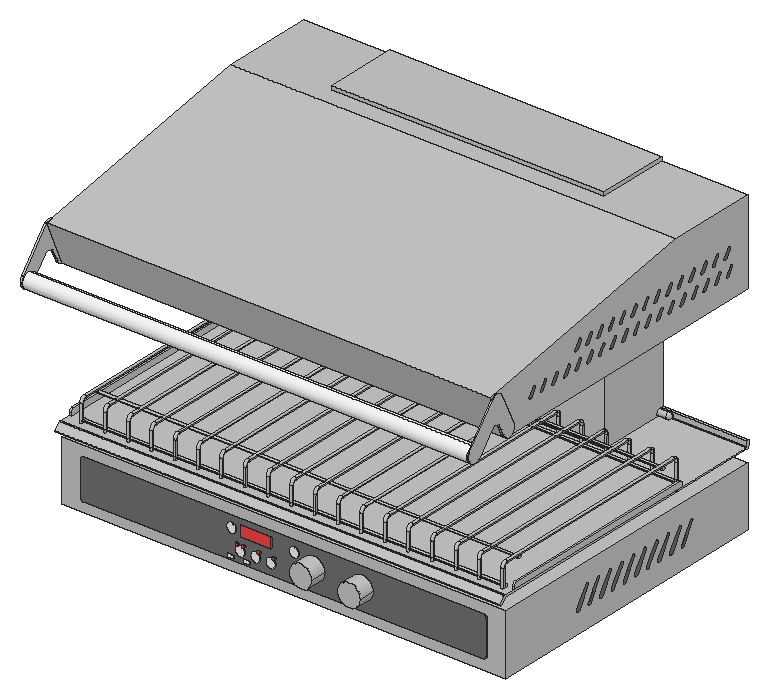
Revit family "QF_GIORIK_SH40", category Specialty Equipment, Revit 2014
Parameters (values of type "SH40")
  Weight in Pounds = 176.3696
  Watts = 5300 W
  Volts = 400 V
  URL Cutsheet = "www.giorik.com"
  URL = "www.giorik.com"
  Status [instance] = ""
  Specification by User [instance] = ""
  Specification by Manufacturer = ""
  Show Logo [instance] = yes
  Show Clearance [instance] = yes
  Serial Number = ""
  Seismic Rating = ""
  SMACNA No = ""
  Revision Code [instance] = ""
  Phase = 3
  Number of Poles [instance] = 3
  NAFEM Spec ID Number = ""
  Model = "SH40"
  Min Ckt Ampacity = 0 A
  Max Overcurrent Protection = 0 A
  Masterspec = ""
  Manufacturer = "GIORIK"
  Item Number [instance] = ""
  Installed By [instance] = ""
  Identify Quantity as Lot [instance] = no
  HP = "7.107406000000"
  Furnished By [instance] = ""
  Foodservice Equipment Identifier [instance] = yes
  FL Amps = 0 A
  Electrical Remarks [instance] = ""
  Electric Connection Type [instance] = ""
  Elec Conn RI Height [instance] = 0 mm
  Elec Conn Connection Height [instance] = 39 mm
  Description = "FAST SALAMANDERS HI-LITE"
  Cycle = 50 Hz
  Conn Plug = ""
  CSI MasterFormat = ""
  Assembly Code = "E1090320"
  Apparent Power = 5300 VA
Reference planes
  plane 1 "Back": y = 0
  plane 2: z = 1
  plane 3 "Left": x = 0
  plane 4 "Right": x = 735
  plane 5 "Front": y = -581
  plane 6 "Top": z = 520
Forms (mm)
  Extrusion 1, solid
    sketch origin (0, 0, 1.043) x (0, 1, 0) y (0, 0, 1)
      loop
        line (0, 116) -> (-500, 116) -> (-500, 16) -> (0, 16) -> (0, 116)
    from 0 to 735
  Extrusion 2, solid
    sketch origin (0, 0, 1.043) x (0, 1, 0) y (0, 0, 1)
      loop
        line (-510.879, 128.424) -> (-501.718, 137.409) -> (-3, 137.409)
        arc (-3, 137.409) -> (-0.879, 138.288) -> (0, 140.409) r 3
        line (0, 140.409) -> (0, 150.409) -> (-3, 150.409) -> (-3, 141.409)
        arc (-3, 141.409) -> (-3.293, 140.702) -> (-4, 140.409) r 1
        line (-4, 140.409) -> (-501.718, 140.409)
        arc (-501.718, 140.409) -> (-502.852, 140.186) -> (-503.818, 139.551) r 3
        line (-503.818, 139.551) -> (-513, 130.545) -> (-510.879, 128.424)
    from 0 to 735
  Extrusion 3, solid
    sketch origin (0, 0, 2) x (0, 1, 0) y (0, 0, 1)
      loop
        line (-150, 512.02) -> (-531, 444.528) -> (-500, 372.02) -> (0, 372.02) -> (0, 512.02) -> (-150, 512.02)
    from 0 to 735
  Extrusion 4, solid
    sketch origin (0, 0, 1.043) x (0, 1, 0) y (0, 0, 1)
      loop
        line (-120, 116) -> (0, 116) -> (0, 372.977) -> (-120, 372.977) -> (-120, 116)
    from 141.5 to 593.5
  Extrusion 5, solid
    sketch origin (0, -38.013, 1) x (0, 1, 0) y (0, 0, 1)
      loop
        line (-491.588, 443.653) -> (-540.006, 386.512)
        arc (-540.006, 386.512) -> (-538.54, 368.783) -> (-520.812, 370.248) r 12.579
        line (-520.812, 370.248) -> (-495.462, 400.166)
        arc (-495.462, 400.166) -> (-486.485, 403.589) -> (-478.751, 397.888) r 10.025
        line (-478.751, 397.888) -> (-470.242, 379.619)
        arc (-470.242, 379.619) -> (-455.833, 374.347) -> (-450.524, 388.743) r 10.863
        line (-450.524, 388.743) -> (-474.877, 441.376)
        arc (-474.877, 441.376) -> (-482.609, 447.09) -> (-491.588, 443.653) r 10.009
    from -3 to 0
  Extrusion 6, solid
    sketch origin (738, -38.013, 1) x (0, 1, 0) y (0, 0, 1)
      loop
        line (-491.588, 443.653) -> (-540.006, 386.512)
        arc (-540.006, 386.512) -> (-538.54, 368.783) -> (-520.812, 370.248) r 12.579
        line (-520.812, 370.248) -> (-495.462, 400.166)
        arc (-495.462, 400.166) -> (-486.485, 403.589) -> (-478.751, 397.888) r 10.025
        line (-478.751, 397.888) -> (-470.242, 379.619)
        arc (-470.242, 379.619) -> (-455.833, 374.347) -> (-450.524, 388.743) r 10.863
        line (-450.524, 388.743) -> (-474.877, 441.376)
        arc (-474.877, 441.376) -> (-482.609, 447.09) -> (-491.588, 443.653) r 10.009
    from -3 to 0
  Revolve 7, solid
    sketch origin (0, -568.5, 1) x (1, 0, 0) y (0, 0, 1)
      loop
        line (0, 365.88) -> (735.001, 365.88) -> (735.001, 378.38) -> (0, 378.38) -> (0, 365.88)
      axis (0, 378.38) -> (735.001, 378.38)
    angle from 0 to 360
  Extrusion 8, solid
    sketch origin (0, 0, 1.043) x (0, 1, 0) y (0, 0, 1)
      loop
        arc (-477.394, 149.627) -> (-480.93, 148.162) -> (-482.394, 144.627) r 5
        line (-482.394, 144.627) -> (-482.394, 140.409) -> (-136.497, 140.409) -> (-136.497, 144.627)
        arc (-136.497, 144.627) -> (-137.962, 148.162) -> (-141.497, 149.627) r 5
        line (-141.497, 149.627) -> (-477.394, 149.627)
    from 0 to 3
  Extrusion 9, solid
    sketch origin (732, 0, 1.043) x (0, 1, 0) y (0, 0, 1)
      loop
        arc (-477.394, 149.627) -> (-480.93, 148.162) -> (-482.394, 144.627) r 5
        line (-482.394, 144.627) -> (-482.394, 140.409) -> (-136.497, 140.409) -> (-136.497, 144.627)
        arc (-136.497, 144.627) -> (-137.962, 148.162) -> (-141.497, 149.627) r 5
        line (-141.497, 149.627) -> (-477.394, 149.627)
    from 0 to 3
  Sweep 10, solid
    path origin (24.528, 0, 1.043) x (0, 1, 0) y (0, 0, 1)
      loop
        line (-132.497, 140.409) -> (-132.497, 170.63)
        arc (-132.497, 170.63) -> (-133.668, 173.457) -> (-136.495, 174.628) r 3.998
        line (-136.495, 174.628) -> (-482.467, 174.628)
        arc (-482.467, 174.628) -> (-485.294, 173.457) -> (-486.465, 170.63) r 3.998
        line (-486.465, 170.63) -> (-486.465, 140.409)
    profile origin (24.528, -132.497, 156.563) x (0, -1, 0) y (1, 0, 0)
      loop
        circle (-2, 0) r 2
  Sweep 11, solid
    path origin (63.128, 0, 1.043) x (0, 1, 0) y (0, 0, 1)
      loop
        line (-132.497, 140.409) -> (-132.497, 170.63)
        arc (-132.497, 170.63) -> (-133.668, 173.457) -> (-136.495, 174.628) r 3.998
        line (-136.495, 174.628) -> (-482.467, 174.628)
        arc (-482.467, 174.628) -> (-485.294, 173.457) -> (-486.465, 170.63) r 3.998
        line (-486.465, 170.63) -> (-486.465, 140.409)
    profile origin (63.128, -132.497, 156.563) x (0, -1, 0) y (1, 0, 0)
      loop
        circle (-2, 0) r 2
  Sweep 12, solid
    path origin (101.728, 0, 1.043) x (0, 1, 0) y (0, 0, 1)
      loop
        line (-132.497, 140.409) -> (-132.497, 170.63)
        arc (-132.497, 170.63) -> (-133.668, 173.457) -> (-136.495, 174.628) r 3.998
        line (-136.495, 174.628) -> (-482.467, 174.628)
        arc (-482.467, 174.628) -> (-485.294, 173.457) -> (-486.465, 170.63) r 3.998
        line (-486.465, 170.63) -> (-486.465, 140.409)
    profile origin (101.728, -132.497, 156.563) x (0, -1, 0) y (1, 0, 0)
      loop
        circle (-2, 0) r 2
  Sweep 13, solid
    path origin (140.028, 0, 1.043) x (0, 1, 0) y (0, 0, 1)
      loop
        line (-132.497, 140.409) -> (-132.497, 170.63)
        arc (-132.497, 170.63) -> (-133.668, 173.457) -> (-136.495, 174.628) r 3.998
        line (-136.495, 174.628) -> (-482.467, 174.628)
        arc (-482.467, 174.628) -> (-485.294, 173.457) -> (-486.465, 170.63) r 3.998
        line (-486.465, 170.63) -> (-486.465, 140.409)
    profile origin (140.028, -132.497, 156.563) x (0, -1, 0) y (1, 0, 0)
      loop
        circle (-2, 0) r 2
  Sweep 14, solid
    path origin (178.528, 0, 1.043) x (0, 1, 0) y (0, 0, 1)
      loop
        line (-132.497, 140.409) -> (-132.497, 170.63)
        arc (-132.497, 170.63) -> (-133.668, 173.457) -> (-136.495, 174.628) r 3.998
        line (-136.495, 174.628) -> (-482.467, 174.628)
        arc (-482.467, 174.628) -> (-485.294, 173.457) -> (-486.465, 170.63) r 3.998
        line (-486.465, 170.63) -> (-486.465, 140.409)
    profile origin (178.528, -132.497, 156.563) x (0, -1, 0) y (1, 0, 0)
      loop
        circle (-2, 0) r 2
  Sweep 15, solid
    path origin (217.128, 0, 1.043) x (0, 1, 0) y (0, 0, 1)
      loop
        line (-132.497, 140.409) -> (-132.497, 170.63)
        arc (-132.497, 170.63) -> (-133.668, 173.457) -> (-136.495, 174.628) r 3.998
        line (-136.495, 174.628) -> (-482.467, 174.628)
        arc (-482.467, 174.628) -> (-485.294, 173.457) -> (-486.465, 170.63) r 3.998
        line (-486.465, 170.63) -> (-486.465, 140.409)
    profile origin (217.128, -132.497, 156.563) x (0, -1, 0) y (1, 0, 0)
      loop
        circle (-2, 0) r 2
  Sweep 16, solid
    path origin (255.428, 0, 1.043) x (0, 1, 0) y (0, 0, 1)
      loop
        line (-132.497, 140.409) -> (-132.497, 170.63)
        arc (-132.497, 170.63) -> (-133.668, 173.457) -> (-136.495, 174.628) r 3.998
        line (-136.495, 174.628) -> (-482.467, 174.628)
        arc (-482.467, 174.628) -> (-485.294, 173.457) -> (-486.465, 170.63) r 3.998
        line (-486.465, 170.63) -> (-486.465, 140.409)
    profile origin (255.428, -132.497, 156.563) x (0, -1, 0) y (1, 0, 0)
      loop
        circle (-2, 0) r 2
  Sweep 17, solid
    path origin (294.028, 0, 1.043) x (0, 1, 0) y (0, 0, 1)
      loop
        line (-132.497, 140.409) -> (-132.497, 170.63)
        arc (-132.497, 170.63) -> (-133.668, 173.457) -> (-136.495, 174.628) r 3.998
        line (-136.495, 174.628) -> (-482.467, 174.628)
        arc (-482.467, 174.628) -> (-485.294, 173.457) -> (-486.465, 170.63) r 3.998
        line (-486.465, 170.63) -> (-486.465, 140.409)
    profile origin (294.028, -132.497, 156.563) x (0, -1, 0) y (1, 0, 0)
      loop
        circle (-2, 0) r 2
  Sweep 18, solid
    path origin (332.728, 0, 1.043) x (0, 1, 0) y (0, 0, 1)
      loop
        line (-132.497, 140.409) -> (-132.497, 170.63)
        arc (-132.497, 170.63) -> (-133.668, 173.457) -> (-136.495, 174.628) r 3.998
        line (-136.495, 174.628) -> (-482.467, 174.628)
        arc (-482.467, 174.628) -> (-485.294, 173.457) -> (-486.465, 170.63) r 3.998
        line (-486.465, 170.63) -> (-486.465, 140.409)
    profile origin (332.728, -132.497, 156.563) x (0, -1, 0) y (1, 0, 0)
      loop
        circle (-2, 0) r 2
  Sweep 19, solid
    path origin (371.328, 0, 1.043) x (0, 1, 0) y (0, 0, 1)
      loop
        line (-132.497, 140.409) -> (-132.497, 170.63)
        arc (-132.497, 170.63) -> (-133.668, 173.457) -> (-136.495, 174.628) r 3.998
        line (-136.495, 174.628) -> (-482.467, 174.628)
        arc (-482.467, 174.628) -> (-485.294, 173.457) -> (-486.465, 170.63) r 3.998
        line (-486.465, 170.63) -> (-486.465, 140.409)
    profile origin (371.328, -132.497, 156.563) x (0, -1, 0) y (1, 0, 0)
      loop
        circle (-2, 0) r 2
  Sweep 20, solid
    path origin (409.928, 0, 1.043) x (0, 1, 0) y (0, 0, 1)
      loop
        line (-132.497, 140.409) -> (-132.497, 170.63)
        arc (-132.497, 170.63) -> (-133.668, 173.457) -> (-136.495, 174.628) r 3.998
        line (-136.495, 174.628) -> (-482.467, 174.628)
        arc (-482.467, 174.628) -> (-485.294, 173.457) -> (-486.465, 170.63) r 3.998
        line (-486.465, 170.63) -> (-486.465, 140.409)
    profile origin (409.928, -132.497, 156.563) x (0, -1, 0) y (1, 0, 0)
      loop
        circle (-2, 0) r 2
  Revolve 21, solid
    sketch origin (80, -107.054, 1.043) x (1, 0, 0) y (0, 0, 1)
      loop
        line (62.5, 127.28) -> (62.5, 132.28) -> (40.041, 132.28)
        arc (40.041, 132.28) -> (41.505, 128.744) -> (45.041, 127.28) r 5
        line (45.041, 127.28) -> (62.5, 127.28)
      axis (40.041, 132.28) -> (62.5, 132.28)
    angle from 0 to 360
  Revolve 22, solid
    sketch origin (80, -8.199, 14.363) x (1, 0, 0) y (0, 0, 1)
      loop
        line (62.5, 127.28) -> (62.5, 132.28) -> (40.041, 132.28)
        arc (40.041, 132.28) -> (41.505, 128.744) -> (45.041, 127.28) r 5
        line (45.041, 127.28) -> (62.5, 127.28)
      axis (40.041, 132.28) -> (62.5, 132.28)
    angle from 0 to 360
  Revolve 23, solid
    sketch origin (655, -107.054, 1.043) x (-1, 0, 0) y (0, 0, -1)
      loop
        line (62.5, -127.28) -> (45.041, -127.28)
        arc (45.041, -127.28) -> (41.505, -128.744) -> (40.041, -132.28) r 5
        line (40.041, -132.28) -> (62.5, -132.28) -> (62.5, -127.28)
      axis (40.041, -132.28) -> (62.5, -132.28)
    angle from 0 to 360
  Revolve 24, solid
    sketch origin (655, -8.199, 14.363) x (-1, 0, 0) y (0, 0, -1)
      loop
        line (62.5, -127.28) -> (45.041, -127.28)
        arc (45.041, -127.28) -> (41.505, -128.744) -> (40.041, -132.28) r 5
        line (40.041, -132.28) -> (62.5, -132.28) -> (62.5, -127.28)
      axis (40.041, -132.28) -> (62.5, -132.28)
    angle from 0 to 360
  Extrusion 25, solid
    sketch origin (0, 0, 2) x (0, 1, 0) y (0, 0, 1)
      loop
        line (0, 512.02) -> (0, 518) -> (-120, 518) -> (-120, 512.02) -> (0, 512.02)
    from 142.5 to 592.5
  Extrusion 26, solid
    sketch origin (0, -52.9, 1.043) x (1, 0, 0) y (0, 0, 1)
      loop
        arc (32.716, 38.339) -> (34.181, 34.803) -> (37.716, 33.339) r 5
        line (37.716, 33.339) -> (697.991, 33.339)
        arc (697.991, 33.339) -> (701.527, 34.803) -> (702.991, 38.339) r 5
        line (702.991, 38.339) -> (702.991, 94.34)
        arc (702.991, 94.34) -> (701.527, 97.875) -> (697.992, 99.339) r 4.999
        line (697.992, 99.339) -> (37.716, 99.339)
        arc (37.716, 99.339) -> (34.181, 97.875) -> (32.716, 94.34) r 4.999
        line (32.716, 94.34) -> (32.716, 38.339)
    from 446.1 to 448.1
  Extrusion 27, solid
    sketch origin (0, -30.961, 31.262) x (0, 1, 0) y (0, 0, 1)
      loop
        circle (-425.497, 142.409) r 2
    from 22.532 to 722.16
  Extrusion 28, solid
    sketch origin (170, -53, 1.043) x (1, 0, 0) y (0, 0, 1)
      loop
        line (126.732, 72.461) -> (177.773, 72.461) -> (177.773, 90.461) -> (126.732, 90.461) -> (126.732, 72.461)
    from 446.2 to 448.2
  Extrusion 29, solid
    sketch origin (-604.015, -499.1, -818.604) x (1, 0, 0) y (0, 0, 1)
      loop
        circle (886.121, 900.481) r 7.55
    from 0 to 2
  Extrusion 30, solid
    sketch origin (-500.285, -499.1, -818.604) x (1, 0, 0) y (0, 0, 1)
      loop
        circle (886.121, 900.481) r 7.55
    from 0 to 2
  Extrusion 31, solid
    sketch origin (-589.352, -499.1, -848.198) x (1, 0, 0) y (0, 0, 1)
      loop
        circle (886.121, 900.481) r 7.55
    from 0 to 2
  Extrusion 32, solid
    sketch origin (-563.95, -499.1, -848.198) x (1, 0, 0) y (0, 0, 1)
      loop
        circle (886.121, 900.481) r 7.55
    from 0 to 2
  Extrusion 33, solid
    sketch origin (-538.907, -499.1, -848.229) x (1, 0, 0) y (0, 0, 1)
      loop
        circle (886.121, 900.481) r 7.55
    from 0 to 2
  Extrusion 34, solid
    sketch origin (170, -53, 1.043) x (1, 0, 0) y (0, 0, 1)
      loop
        line (106.574, 41.192) -> (106.574, 36.192) -> (116.574, 36.192) -> (116.574, 41.192) -> (106.574, 41.192)
      loop
        line (132.735, 41.192) -> (132.735, 36.192) -> (142.735, 36.192) -> (142.735, 41.192) -> (132.735, 41.192)
    from 446.1 to 448.1
  Extrusion 35, solid
    sketch origin (170, -53.8, 1.043) x (1, 0, 0) y (0, 0, 1)
      loop
        circle (121.957, 60.234) r 2.643
    from 446.2 to 448.2
  Extrusion 36, solid
    sketch origin (180.092, -53.8, 1.043) x (1, 0, 0) y (0, 0, 1)
      loop
        circle (121.957, 60.234) r 2.643
    from 446.2 to 448.2
  Extrusion 37, solid
    sketch origin (205.274, -53.8, 1.043) x (1, 0, 0) y (0, 0, 1)
      loop
        circle (121.957, 60.234) r 2.643
    from 446.2 to 448.2
  Extrusion 38, solid
    sketch origin (229.998, -53.8, 1.043) x (1, 0, 0) y (0, 0, 1)
      loop
        circle (121.957, 60.234) r 2.643
    from 446.2 to 448.2
  Extrusion 39, solid
    sketch origin (0, -38.013, 1) x (0, 1, 0) y (0, 0, 1)
      loop
        line (-491.588, 443.653) -> (-540.006, 386.512)
        arc (-540.006, 386.512) -> (-538.54, 368.783) -> (-520.812, 370.248) r 12.579
        line (-520.812, 370.248) -> (-495.462, 400.166)
        arc (-495.462, 400.166) -> (-486.485, 403.589) -> (-478.751, 397.888) r 10.025
        line (-478.751, 397.888) -> (-470.242, 379.619)
        arc (-470.242, 379.619) -> (-455.833, 374.347) -> (-450.524, 388.743) r 10.863
        line (-450.524, 388.743) -> (-474.877, 441.376)
        arc (-474.877, 441.376) -> (-482.609, 447.09) -> (-491.588, 443.653) r 10.009
    from -3 to 0
  Sweep 40, solid
    path origin (448.528, 0, 1.043) x (0, 1, 0) y (0, 0, 1)
      loop
        line (-132.497, 140.409) -> (-132.497, 170.63)
        arc (-132.497, 170.63) -> (-133.668, 173.457) -> (-136.495, 174.628) r 3.998
        line (-136.495, 174.628) -> (-482.467, 174.628)
        arc (-482.467, 174.628) -> (-485.294, 173.457) -> (-486.465, 170.63) r 3.998
        line (-486.465, 170.63) -> (-486.465, 140.409)
    profile origin (448.528, -132.497, 156.563) x (0, -1, 0) y (1, 0, 0)
      loop
        circle (-2, 0) r 2
  Sweep 41, solid
    path origin (487.128, 0, 1.043) x (0, 1, 0) y (0, 0, 1)
      loop
        line (-132.497, 140.409) -> (-132.497, 170.63)
        arc (-132.497, 170.63) -> (-133.668, 173.457) -> (-136.495, 174.628) r 3.998
        line (-136.495, 174.628) -> (-482.467, 174.628)
        arc (-482.467, 174.628) -> (-485.294, 173.457) -> (-486.465, 170.63) r 3.998
        line (-486.465, 170.63) -> (-486.465, 140.409)
    profile origin (487.128, -132.497, 156.563) x (0, -1, 0) y (1, 0, 0)
      loop
        circle (-2, 0) r 2
  Sweep 42, solid
    path origin (525.728, 0, 1.043) x (0, 1, 0) y (0, 0, 1)
      loop
        line (-132.497, 140.409) -> (-132.497, 170.63)
        arc (-132.497, 170.63) -> (-133.668, 173.457) -> (-136.495, 174.628) r 3.998
        line (-136.495, 174.628) -> (-482.467, 174.628)
        arc (-482.467, 174.628) -> (-485.294, 173.457) -> (-486.465, 170.63) r 3.998
        line (-486.465, 170.63) -> (-486.465, 140.409)
    profile origin (525.728, -132.497, 156.563) x (0, -1, 0) y (1, 0, 0)
      loop
        circle (-2, 0) r 2
  Sweep 43, solid
    path origin (564.328, 0, 1.043) x (0, 1, 0) y (0, 0, 1)
      loop
        line (-132.497, 140.409) -> (-132.497, 170.63)
        arc (-132.497, 170.63) -> (-133.668, 173.457) -> (-136.495, 174.628) r 3.998
        line (-136.495, 174.628) -> (-482.467, 174.628)
        arc (-482.467, 174.628) -> (-485.294, 173.457) -> (-486.465, 170.63) r 3.998
        line (-486.465, 170.63) -> (-486.465, 140.409)
    profile origin (564.328, -132.497, 156.563) x (0, -1, 0) y (1, 0, 0)
      loop
        circle (-2, 0) r 2
  Extrusion 44, solid
    sketch origin (0, -58.855, 1.043) x (0, 1, 0) y (0, 0, 1)
      loop
        circle (-425.497, 142.409) r 2
    from 22.532 to 722.16
  Extrusion 45, solid
    sketch origin (0, -584.788, 31.262) x (0, -1, 0) y (0, 0, -1)
      loop
        circle (-425.497, -142.409) r 2
    from 22.532 to 722.16
  Extrusion 46, solid
    sketch origin (0, -559.809, 1.043) x (0, -1, 0) y (0, 0, -1)
      loop
        circle (-425.497, -142.409) r 2
    from 22.532 to 722.16
  Sweep 47, solid
    path origin (643.128, 0, 1.043) x (0, 1, 0) y (0, 0, 1)
      loop
        line (-132.497, 140.409) -> (-132.497, 170.63)
        arc (-132.497, 170.63) -> (-133.668, 173.457) -> (-136.495, 174.628) r 3.998
        line (-136.495, 174.628) -> (-482.467, 174.628)
        arc (-482.467, 174.628) -> (-485.294, 173.457) -> (-486.465, 170.63) r 3.998
        line (-486.465, 170.63) -> (-486.465, 140.409)
    profile origin (643.128, -132.497, 156.563) x (0, -1, 0) y (1, 0, 0)
      loop
        circle (-2, 0) r 2
  Sweep 48, solid
    path origin (604.128, 0, 1.043) x (0, 1, 0) y (0, 0, 1)
      loop
        line (-132.497, 140.409) -> (-132.497, 170.63)
        arc (-132.497, 170.63) -> (-133.668, 173.457) -> (-136.495, 174.628) r 3.998
        line (-136.495, 174.628) -> (-482.467, 174.628)
        arc (-482.467, 174.628) -> (-485.294, 173.457) -> (-486.465, 170.63) r 3.998
        line (-486.465, 170.63) -> (-486.465, 140.409)
    profile origin (604.128, -132.497, 156.563) x (0, -1, 0) y (1, 0, 0)
      loop
        circle (-2, 0) r 2
  Sweep 49, solid
    path origin (681.128, 0, 1.043) x (0, 1, 0) y (0, 0, 1)
      loop
        line (-132.497, 140.409) -> (-132.497, 170.63)
        arc (-132.497, 170.63) -> (-133.668, 173.457) -> (-136.495, 174.628) r 3.998
        line (-136.495, 174.628) -> (-482.467, 174.628)
        arc (-482.467, 174.628) -> (-485.294, 173.457) -> (-486.465, 170.63) r 3.998
        line (-486.465, 170.63) -> (-486.465, 140.409)
    profile origin (681.128, -132.497, 156.563) x (0, -1, 0) y (1, 0, 0)
      loop
        circle (-2, 0) r 2
  Sweep 50, solid
    path origin (720.128, 0, 1.043) x (0, 1, 0) y (0, 0, 1)
      loop
        line (-132.497, 140.409) -> (-132.497, 170.63)
        arc (-132.497, 170.63) -> (-133.668, 173.457) -> (-136.495, 174.628) r 3.998
        line (-136.495, 174.628) -> (-482.467, 174.628)
        arc (-482.467, 174.628) -> (-485.294, 173.457) -> (-486.465, 170.63) r 3.998
        line (-486.465, 170.63) -> (-486.465, 140.409)
    profile origin (720.128, -132.497, 156.563) x (0, -1, 0) y (1, 0, 0)
      loop
        circle (-2, 0) r 2
  Extrusion 51, solid
    sketch origin (-45.915, 1.07, 1.043) x (0, 1, 0) y (0, 0, 1)
      loop
        line (-392.07, 137.409) -> (-412.07, 137.409) -> (-412.07, 116) -> (-392.07, 116) -> (-392.07, 137.409)
    from 135.915 to 115.915
  Extrusion 52, solid
    sketch origin (0, 0, 1.043) x (1, 0, 0) y (0, 0, 1)
      loop
        circle (683, 39) r 12.7
    from 0 to -15
  Extrusion 53, solid
    sketch origin (735, 0.982, 1.043) x (0, 1, 0) y (0, 0, -1)
      loop
        arc (-122.233, -83.563) -> (-118.14, -84.682) -> (-117.021, -80.589) r 3
        line (-117.021, -80.589) -> (-133.772, -51.235)
        arc (-133.772, -51.235) -> (-137.865, -50.116) -> (-138.983, -54.209) r 3
        line (-138.983, -54.209) -> (-122.233, -83.563)
      loop
        arc (-145.943, -83.563) -> (-141.85, -84.682) -> (-140.732, -80.589) r 3
        line (-140.732, -80.589) -> (-157.482, -51.235)
        arc (-157.482, -51.235) -> (-161.575, -50.116) -> (-162.693, -54.209) r 3
        line (-162.693, -54.209) -> (-145.943, -83.563)
      loop
        arc (-170.249, -83.563) -> (-166.156, -84.682) -> (-165.037, -80.589) r 3
        line (-165.037, -80.589) -> (-181.788, -51.235)
        arc (-181.788, -51.235) -> (-185.881, -50.116) -> (-186.999, -54.209) r 3
        line (-186.999, -54.209) -> (-170.249, -83.563)
      loop
        arc (-194.226, -83.563) -> (-190.133, -84.682) -> (-189.015, -80.589) r 3
        line (-189.015, -80.589) -> (-205.765, -51.235)
        arc (-205.765, -51.235) -> (-209.858, -50.116) -> (-210.977, -54.209) r 3
        line (-210.977, -54.209) -> (-194.226, -83.563)
      loop
        arc (-218.413, -83.563) -> (-214.32, -84.682) -> (-213.201, -80.589) r 3
        line (-213.201, -80.589) -> (-229.952, -51.235)
        arc (-229.952, -51.235) -> (-234.045, -50.116) -> (-235.163, -54.209) r 3
        line (-235.163, -54.209) -> (-218.413, -83.563)
      loop
        arc (-242.123, -83.563) -> (-238.03, -84.682) -> (-236.912, -80.589) r 3
        line (-236.912, -80.589) -> (-253.662, -51.235)
        arc (-253.662, -51.235) -> (-257.755, -50.116) -> (-258.873, -54.209) r 3
        line (-258.873, -54.209) -> (-242.123, -83.563)
      loop
        arc (-266.429, -83.563) -> (-262.336, -84.682) -> (-261.218, -80.589) r 3
        line (-261.218, -80.589) -> (-277.968, -51.235)
        arc (-277.968, -51.235) -> (-282.061, -50.116) -> (-283.179, -54.209) r 3
        line (-283.179, -54.209) -> (-266.429, -83.563)
      loop
        arc (-290.548, -83.563) -> (-286.456, -84.682) -> (-285.337, -80.589) r 3
        line (-285.337, -80.589) -> (-302.088, -51.235)
        arc (-302.088, -51.235) -> (-306.18, -50.116) -> (-307.299, -54.209) r 3
        line (-307.299, -54.209) -> (-290.548, -83.563)
      loop
        arc (-314.497, -83.563) -> (-310.404, -84.682) -> (-309.285, -80.589) r 3
        line (-309.285, -80.589) -> (-326.036, -51.235)
        arc (-326.036, -51.235) -> (-330.129, -50.116) -> (-331.247, -54.209) r 3
        line (-331.247, -54.209) -> (-314.497, -83.563)
      loop
        arc (-338.088, -83.563) -> (-333.995, -84.682) -> (-332.876, -80.589) r 3
        line (-332.876, -80.589) -> (-349.627, -51.235)
        arc (-349.627, -51.235) -> (-353.72, -50.116) -> (-354.838, -54.209) r 3
        line (-354.838, -54.209) -> (-338.088, -83.563)
    from -0.1 to 2.047
  Extrusion 54, solid
    sketch origin (0, -501.9, 1.043) x (1, 0, 0) y (0, 0, 1)
      loop
        circle (417.596, 67.954) r 18.6
      loop
        circle (497.54, 67.954) r 18.6
    from 0 to 25.4
  Extrusion 55, solid
    sketch origin (550.603, 45.293, -32.957) x (0, 1, 0) y (-1, 0, 0)
      loop
        circle (-79.293, 516.603) r 5
    from 43.286 to 50
  Revolve 56, solid
    sketch origin (34, 49.943, -602.957) x (0, 1, 0) y (0, 0, 1)
      loop
        line (-83.943, 613.286) -> (-94.4, 613.286) -> (-96.887, 603.957) -> (-83.943, 603.957) -> (-83.943, 613.286)
      axis (-83.943, 613.286) -> (-83.943, 603.957)
    angle from 0 to 360
  Extrusion 57, solid
    sketch origin (184.397, 45.293, -32.957) x (0, 1, 0) y (-1, 0, 0)
      loop
        circle (-79.293, -516.603) r 5
    from 43.286 to 50
  Revolve 58, solid
    sketch origin (701, 49.943, -602.957) x (0, 1, 0) y (0, 0, -1)
      loop
        line (-83.943, -613.286) -> (-83.943, -603.957) -> (-96.887, -603.957) -> (-94.4, -613.286) -> (-83.943, -613.286)
      axis (-83.943, -613.286) -> (-83.943, -603.957)
    angle from 0 to 360
  Extrusion 59, solid
    sketch origin (550.603, -377.707, -32.957) x (0, 1, 0) y (-1, 0, 0)
      loop
        circle (-79.293, 516.603) r 5
    from 43.286 to 50
  Revolve 60, solid
    sketch origin (34, -373.057, -602.957) x (0, 1, 0) y (0, 0, 1)
      loop
        line (-83.943, 613.286) -> (-94.4, 613.286) -> (-96.887, 603.957) -> (-83.943, 603.957) -> (-83.943, 613.286)
      axis (-83.943, 613.286) -> (-83.943, 603.957)
    angle from 0 to 360
  Extrusion 61, solid
    sketch origin (184.397, -377.707, -32.957) x (0, 1, 0) y (-1, 0, 0)
      loop
        circle (-79.293, -516.603) r 5
    from 43.286 to 50
  Revolve 62, solid
    sketch origin (701, -373.057, -602.957) x (0, 1, 0) y (0, 0, -1)
      loop
        line (-83.943, -613.286) -> (-83.943, -603.957) -> (-96.887, -603.957) -> (-94.4, -613.286) -> (-83.943, -613.286)
      axis (-83.943, -613.286) -> (-83.943, -603.957)
    angle from 0 to 360
  Extrusion 63, solid
    sketch origin (-0.103, 15.024, -1.996) x (0, 1, 0) y (0, 0, 1)
      loop
        line (-367.103, 412.901) -> (-361.099, 423.422)
        arc (-361.099, 423.422) -> (-362.218, 427.515) -> (-366.31, 426.396) r 3
        line (-366.31, 426.396) -> (-372.314, 415.875)
        arc (-372.314, 415.875) -> (-371.195, 411.782) -> (-367.103, 412.901) r 3
      loop
        line (-390.682, 412.901) -> (-384.678, 423.422)
        arc (-384.678, 423.422) -> (-385.797, 427.515) -> (-389.89, 426.396) r 3
        line (-389.89, 426.396) -> (-395.893, 415.875)
        arc (-395.893, 415.875) -> (-394.775, 411.782) -> (-390.682, 412.901) r 3
      loop
        line (-415.44, 412.901) -> (-409.437, 423.422)
        arc (-409.437, 423.422) -> (-410.555, 427.515) -> (-414.648, 426.396) r 3
        line (-414.648, 426.396) -> (-420.652, 415.875)
        arc (-420.652, 415.875) -> (-419.533, 411.782) -> (-415.44, 412.901) r 3
      loop
        line (-438.823, 412.901) -> (-432.819, 423.422)
        arc (-432.819, 423.422) -> (-433.938, 427.515) -> (-438.031, 426.396) r 3
        line (-438.031, 426.396) -> (-444.034, 415.875)
        arc (-444.034, 415.875) -> (-442.916, 411.782) -> (-438.823, 412.901) r 3
      loop
        line (-54.819, 412.901) -> (-48.816, 423.422)
        arc (-48.816, 423.422) -> (-49.934, 427.515) -> (-54.027, 426.396) r 3
        line (-54.027, 426.396) -> (-60.036, 415.866)
        arc (-60.036, 415.866) -> (-58.907, 411.78) -> (-54.819, 412.901) r 3
      loop
        line (-78.988, 412.901) -> (-72.984, 423.422)
        arc (-72.984, 423.422) -> (-74.103, 427.515) -> (-78.196, 426.396) r 3
        line (-78.196, 426.396) -> (-84.204, 415.866)
        arc (-84.204, 415.866) -> (-83.076, 411.78) -> (-78.988, 412.901) r 3
      loop
        line (-102.764, 412.901) -> (-96.76, 423.422)
        arc (-96.76, 423.422) -> (-97.879, 427.515) -> (-101.971, 426.396) r 3
        line (-101.971, 426.396) -> (-107.98, 415.866)
        arc (-107.98, 415.866) -> (-106.852, 411.78) -> (-102.764, 412.901) r 3
      loop
        line (-126.54, 412.901) -> (-120.536, 423.422)
        arc (-120.536, 423.422) -> (-121.655, 427.515) -> (-125.747, 426.396) r 3
        line (-125.747, 426.396) -> (-131.756, 415.866)
        arc (-131.756, 415.866) -> (-130.628, 411.78) -> (-126.54, 412.901) r 3
      loop
        line (-150.709, 412.901) -> (-144.705, 423.422)
        arc (-144.705, 423.422) -> (-145.824, 427.515) -> (-149.916, 426.396) r 3
        line (-149.916, 426.396) -> (-155.925, 415.866)
        arc (-155.925, 415.866) -> (-154.797, 411.78) -> (-150.709, 412.901) r 3
      loop
        line (-174.931, 412.901) -> (-168.927, 423.422)
        arc (-168.927, 423.422) -> (-170.046, 427.515) -> (-174.139, 426.396) r 3
        line (-174.139, 426.396) -> (-180.142, 415.875)
        arc (-180.142, 415.875) -> (-179.024, 411.782) -> (-174.931, 412.901) r 3
      loop
        line (-198.904, 412.901) -> (-192.9, 423.422)
        arc (-192.9, 423.422) -> (-194.019, 427.515) -> (-198.111, 426.396) r 3
        line (-198.111, 426.396) -> (-204.115, 415.875)
        arc (-204.115, 415.875) -> (-202.996, 411.782) -> (-198.904, 412.901) r 3
      loop
        line (-222.876, 412.901) -> (-216.872, 423.422)
        arc (-216.872, 423.422) -> (-217.991, 427.515) -> (-222.083, 426.396) r 3
        line (-222.083, 426.396) -> (-228.087, 415.875)
        arc (-228.087, 415.875) -> (-226.968, 411.782) -> (-222.876, 412.901) r 3
      loop
        line (-246.652, 412.901) -> (-240.648, 423.422)
        arc (-240.648, 423.422) -> (-241.767, 427.515) -> (-245.859, 426.396) r 3
        line (-245.859, 426.396) -> (-251.863, 415.875)
        arc (-251.863, 415.875) -> (-250.744, 411.782) -> (-246.652, 412.901) r 3
      loop
        line (-270.821, 412.901) -> (-264.817, 423.422)
        arc (-264.817, 423.422) -> (-265.935, 427.515) -> (-270.028, 426.396) r 3
        line (-270.028, 426.396) -> (-276.032, 415.875)
        arc (-276.032, 415.875) -> (-274.913, 411.782) -> (-270.821, 412.901) r 3
      loop
        line (-294.793, 412.901) -> (-288.789, 423.422)
        arc (-288.789, 423.422) -> (-289.908, 427.515) -> (-294, 426.396) r 3
        line (-294, 426.396) -> (-300.004, 415.875)
        arc (-300.004, 415.875) -> (-298.885, 411.782) -> (-294.793, 412.901) r 3
      loop
        line (-318.765, 412.901) -> (-312.761, 423.422)
        arc (-312.761, 423.422) -> (-313.88, 427.515) -> (-317.973, 426.396) r 3
        line (-317.973, 426.396) -> (-323.976, 415.875)
        arc (-323.976, 415.875) -> (-322.858, 411.782) -> (-318.765, 412.901) r 3
      loop
        line (-342.934, 412.901) -> (-336.93, 423.422)
        arc (-336.93, 423.422) -> (-338.049, 427.515) -> (-342.141, 426.396) r 3
        line (-342.141, 426.396) -> (-348.145, 415.875)
        arc (-348.145, 415.875) -> (-347.026, 411.782) -> (-342.934, 412.901) r 3
      loop
        line (-462.23, 412.901) -> (-456.226, 423.422)
        arc (-456.226, 423.422) -> (-457.345, 427.515) -> (-461.437, 426.396) r 3
        line (-461.437, 426.396) -> (-467.441, 415.875)
        arc (-467.441, 415.875) -> (-466.323, 411.782) -> (-462.23, 412.901) r 3
      loop
        line (-59.93, 441.379) -> (-53.926, 451.9)
        arc (-53.926, 451.9) -> (-55.045, 455.993) -> (-59.137, 454.874) r 3
        line (-59.137, 454.874) -> (-65.141, 444.353)
        arc (-65.141, 444.353) -> (-64.023, 440.26) -> (-59.93, 441.379) r 3
      loop
        line (-83.706, 441.379) -> (-77.702, 451.9)
        arc (-77.702, 451.9) -> (-78.821, 455.993) -> (-82.913, 454.874) r 3
        line (-82.913, 454.874) -> (-88.917, 444.353)
        arc (-88.917, 444.353) -> (-87.798, 440.26) -> (-83.706, 441.379) r 3
      loop
        line (-107.678, 441.379) -> (-101.674, 451.9)
        arc (-101.674, 451.9) -> (-102.793, 455.993) -> (-106.886, 454.874) r 3
        line (-106.886, 454.874) -> (-112.889, 444.353)
        arc (-112.889, 444.353) -> (-111.771, 440.26) -> (-107.678, 441.379) r 3
      loop
        line (-132.043, 441.379) -> (-126.04, 451.9)
        arc (-126.04, 451.9) -> (-127.158, 455.993) -> (-131.251, 454.874) r 3
        line (-131.251, 454.874) -> (-137.255, 444.353)
        arc (-137.255, 444.353) -> (-136.136, 440.26) -> (-132.043, 441.379) r 3
      loop
        line (-156.212, 441.379) -> (-150.209, 451.9)
        arc (-150.209, 451.9) -> (-151.327, 455.993) -> (-155.42, 454.874) r 3
        line (-155.42, 454.874) -> (-161.424, 444.353)
        arc (-161.424, 444.353) -> (-160.305, 440.26) -> (-156.212, 441.379) r 3
      loop
        line (-179.792, 441.379) -> (-173.788, 451.9)
        arc (-173.788, 451.9) -> (-174.907, 455.993) -> (-178.999, 454.874) r 3
        line (-178.999, 454.874) -> (-185.003, 444.353)
        arc (-185.003, 444.353) -> (-183.884, 440.26) -> (-179.792, 441.379) r 3
      loop
        line (-204.014, 441.379) -> (-198.011, 451.9)
        arc (-198.011, 451.9) -> (-199.129, 455.993) -> (-203.222, 454.874) r 3
        line (-203.222, 454.874) -> (-209.226, 444.353)
        arc (-209.226, 444.353) -> (-208.107, 440.26) -> (-204.014, 441.379) r 3
      loop
        line (-227.987, 441.379) -> (-221.983, 451.9)
        arc (-221.983, 451.9) -> (-223.102, 455.993) -> (-227.194, 454.874) r 3
        line (-227.194, 454.874) -> (-233.198, 444.353)
        arc (-233.198, 444.353) -> (-232.079, 440.26) -> (-227.987, 441.379) r 3
      loop
        line (-252.155, 441.379) -> (-246.152, 451.9)
        arc (-246.152, 451.9) -> (-247.27, 455.993) -> (-251.363, 454.874) r 3
        line (-251.363, 454.874) -> (-257.367, 444.353)
        arc (-257.367, 444.353) -> (-256.248, 440.26) -> (-252.155, 441.379) r 3
      loop
        line (-275.735, 441.379) -> (-269.731, 451.9)
        arc (-269.731, 451.9) -> (-270.85, 455.993) -> (-274.942, 454.874) r 3
        line (-274.942, 454.874) -> (-280.946, 444.353)
        arc (-280.946, 444.353) -> (-279.827, 440.26) -> (-275.735, 441.379) r 3
      loop
        line (-298.749, 441.379) -> (-292.745, 451.9)
        arc (-292.745, 451.9) -> (-293.864, 455.993) -> (-297.956, 454.874) r 3
        line (-297.956, 454.874) -> (-303.96, 444.353)
        arc (-303.96, 444.353) -> (-302.841, 440.26) -> (-298.749, 441.379) r 3
      loop
        line (-321.735, 441.379) -> (-315.731, 451.9)
        arc (-315.731, 451.9) -> (-316.85, 455.993) -> (-320.942, 454.874) r 3
        line (-320.942, 454.874) -> (-326.946, 444.353)
        arc (-326.946, 444.353) -> (-325.827, 440.26) -> (-321.735, 441.379) r 3
      loop
        line (-344.749, 441.379) -> (-338.745, 451.9)
        arc (-338.745, 451.9) -> (-339.864, 455.993) -> (-343.956, 454.874) r 3
        line (-343.956, 454.874) -> (-349.96, 444.353)
        arc (-349.96, 444.353) -> (-348.841, 440.26) -> (-344.749, 441.379) r 3
      loop
        line (-367.749, 441.379) -> (-361.745, 451.9)
        arc (-361.745, 451.9) -> (-362.864, 455.993) -> (-366.956, 454.874) r 3
        line (-366.956, 454.874) -> (-372.96, 444.353)
        arc (-372.96, 444.353) -> (-371.841, 440.26) -> (-367.749, 441.379) r 3
    from 0 to 2.101
  Extrusion 64, solid
    sketch origin (735.103, 15.024, -1.996) x (0, 1, 0) y (0, 0, -1)
      loop
        arc (-367.103, -412.901) -> (-371.195, -411.782) -> (-372.314, -415.875) r 3
        line (-372.314, -415.875) -> (-366.31, -426.396)
        arc (-366.31, -426.396) -> (-362.218, -427.515) -> (-361.099, -423.422) r 3
        line (-361.099, -423.422) -> (-367.103, -412.901)
      loop
        arc (-390.682, -412.901) -> (-394.775, -411.782) -> (-395.893, -415.875) r 3
        line (-395.893, -415.875) -> (-389.89, -426.396)
        arc (-389.89, -426.396) -> (-385.797, -427.515) -> (-384.678, -423.422) r 3
        line (-384.678, -423.422) -> (-390.682, -412.901)
      loop
        arc (-415.44, -412.901) -> (-419.533, -411.782) -> (-420.652, -415.875) r 3
        line (-420.652, -415.875) -> (-414.648, -426.396)
        arc (-414.648, -426.396) -> (-410.555, -427.515) -> (-409.437, -423.422) r 3
        line (-409.437, -423.422) -> (-415.44, -412.901)
      loop
        arc (-438.823, -412.901) -> (-442.916, -411.782) -> (-444.034, -415.875) r 3
        line (-444.034, -415.875) -> (-438.031, -426.396)
        arc (-438.031, -426.396) -> (-433.938, -427.515) -> (-432.819, -423.422) r 3
        line (-432.819, -423.422) -> (-438.823, -412.901)
      loop
        arc (-54.819, -412.901) -> (-58.907, -411.78) -> (-60.036, -415.866) r 3
        line (-60.036, -415.866) -> (-54.027, -426.396)
        arc (-54.027, -426.396) -> (-49.934, -427.515) -> (-48.816, -423.422) r 3
        line (-48.816, -423.422) -> (-54.819, -412.901)
      loop
        arc (-78.988, -412.901) -> (-83.076, -411.78) -> (-84.204, -415.866) r 3
        line (-84.204, -415.866) -> (-78.196, -426.396)
        arc (-78.196, -426.396) -> (-74.103, -427.515) -> (-72.984, -423.422) r 3
        line (-72.984, -423.422) -> (-78.988, -412.901)
      loop
        arc (-102.764, -412.901) -> (-106.852, -411.78) -> (-107.98, -415.866) r 3
        line (-107.98, -415.866) -> (-101.971, -426.396)
        arc (-101.971, -426.396) -> (-97.879, -427.515) -> (-96.76, -423.422) r 3
        line (-96.76, -423.422) -> (-102.764, -412.901)
      loop
        arc (-126.54, -412.901) -> (-130.628, -411.78) -> (-131.756, -415.866) r 3
        line (-131.756, -415.866) -> (-125.747, -426.396)
        arc (-125.747, -426.396) -> (-121.655, -427.515) -> (-120.536, -423.422) r 3
        line (-120.536, -423.422) -> (-126.54, -412.901)
      loop
        arc (-150.709, -412.901) -> (-154.797, -411.78) -> (-155.925, -415.866) r 3
        line (-155.925, -415.866) -> (-149.916, -426.396)
        arc (-149.916, -426.396) -> (-145.824, -427.515) -> (-144.705, -423.422) r 3
        line (-144.705, -423.422) -> (-150.709, -412.901)
      loop
        arc (-174.931, -412.901) -> (-179.024, -411.782) -> (-180.142, -415.875) r 3
        line (-180.142, -415.875) -> (-174.139, -426.396)
        arc (-174.139, -426.396) -> (-170.046, -427.515) -> (-168.927, -423.422) r 3
        line (-168.927, -423.422) -> (-174.931, -412.901)
      loop
        arc (-198.904, -412.901) -> (-202.996, -411.782) -> (-204.115, -415.875) r 3
        line (-204.115, -415.875) -> (-198.111, -426.396)
        arc (-198.111, -426.396) -> (-194.019, -427.515) -> (-192.9, -423.422) r 3
        line (-192.9, -423.422) -> (-198.904, -412.901)
      loop
        arc (-222.876, -412.901) -> (-226.968, -411.782) -> (-228.087, -415.875) r 3
        line (-228.087, -415.875) -> (-222.083, -426.396)
        arc (-222.083, -426.396) -> (-217.991, -427.515) -> (-216.872, -423.422) r 3
        line (-216.872, -423.422) -> (-222.876, -412.901)
      loop
        arc (-246.652, -412.901) -> (-250.744, -411.782) -> (-251.863, -415.875) r 3
        line (-251.863, -415.875) -> (-245.859, -426.396)
        arc (-245.859, -426.396) -> (-241.767, -427.515) -> (-240.648, -423.422) r 3
        line (-240.648, -423.422) -> (-246.652, -412.901)
      loop
        arc (-270.821, -412.901) -> (-274.913, -411.782) -> (-276.032, -415.875) r 3
        line (-276.032, -415.875) -> (-270.028, -426.396)
        arc (-270.028, -426.396) -> (-265.935, -427.515) -> (-264.817, -423.422) r 3
        line (-264.817, -423.422) -> (-270.821, -412.901)
      loop
        arc (-294.793, -412.901) -> (-298.885, -411.782) -> (-300.004, -415.875) r 3
        line (-300.004, -415.875) -> (-294, -426.396)
        arc (-294, -426.396) -> (-289.908, -427.515) -> (-288.789, -423.422) r 3
        line (-288.789, -423.422) -> (-294.793, -412.901)
      loop
        arc (-318.765, -412.901) -> (-322.858, -411.782) -> (-323.976, -415.875) r 3
        line (-323.976, -415.875) -> (-317.973, -426.396)
        arc (-317.973, -426.396) -> (-313.88, -427.515) -> (-312.761, -423.422) r 3
        line (-312.761, -423.422) -> (-318.765, -412.901)
      loop
        arc (-342.934, -412.901) -> (-347.026, -411.782) -> (-348.145, -415.875) r 3
        line (-348.145, -415.875) -> (-342.141, -426.396)
        arc (-342.141, -426.396) -> (-338.049, -427.515) -> (-336.93, -423.422) r 3
        line (-336.93, -423.422) -> (-342.934, -412.901)
      loop
        arc (-462.23, -412.901) -> (-466.323, -411.782) -> (-467.441, -415.875) r 3
        line (-467.441, -415.875) -> (-461.437, -426.396)
        arc (-461.437, -426.396) -> (-457.345, -427.515) -> (-456.226, -423.422) r 3
        line (-456.226, -423.422) -> (-462.23, -412.901)
      loop
        arc (-59.93, -441.379) -> (-64.023, -440.26) -> (-65.141, -444.353) r 3
        line (-65.141, -444.353) -> (-59.137, -454.874)
        arc (-59.137, -454.874) -> (-55.045, -455.993) -> (-53.926, -451.9) r 3
        line (-53.926, -451.9) -> (-59.93, -441.379)
      loop
        arc (-83.706, -441.379) -> (-87.798, -440.26) -> (-88.917, -444.353) r 3
        line (-88.917, -444.353) -> (-82.913, -454.874)
        arc (-82.913, -454.874) -> (-78.821, -455.993) -> (-77.702, -451.9) r 3
        line (-77.702, -451.9) -> (-83.706, -441.379)
      loop
        arc (-107.678, -441.379) -> (-111.771, -440.26) -> (-112.889, -444.353) r 3
        line (-112.889, -444.353) -> (-106.886, -454.874)
        arc (-106.886, -454.874) -> (-102.793, -455.993) -> (-101.674, -451.9) r 3
        line (-101.674, -451.9) -> (-107.678, -441.379)
      loop
        arc (-132.043, -441.379) -> (-136.136, -440.26) -> (-137.255, -444.353) r 3
        line (-137.255, -444.353) -> (-131.251, -454.874)
        arc (-131.251, -454.874) -> (-127.158, -455.993) -> (-126.04, -451.9) r 3
        line (-126.04, -451.9) -> (-132.043, -441.379)
      loop
        arc (-156.212, -441.379) -> (-160.305, -440.26) -> (-161.424, -444.353) r 3
        line (-161.424, -444.353) -> (-155.42, -454.874)
        arc (-155.42, -454.874) -> (-151.327, -455.993) -> (-150.209, -451.9) r 3
        line (-150.209, -451.9) -> (-156.212, -441.379)
      loop
        arc (-179.792, -441.379) -> (-183.884, -440.26) -> (-185.003, -444.353) r 3
        line (-185.003, -444.353) -> (-178.999, -454.874)
        arc (-178.999, -454.874) -> (-174.907, -455.993) -> (-173.788, -451.9) r 3
        line (-173.788, -451.9) -> (-179.792, -441.379)
      loop
        arc (-204.014, -441.379) -> (-208.107, -440.26) -> (-209.226, -444.353) r 3
        line (-209.226, -444.353) -> (-203.222, -454.874)
        arc (-203.222, -454.874) -> (-199.129, -455.993) -> (-198.011, -451.9) r 3
        line (-198.011, -451.9) -> (-204.014, -441.379)
      loop
        arc (-227.987, -441.379) -> (-232.079, -440.26) -> (-233.198, -444.353) r 3
        line (-233.198, -444.353) -> (-227.194, -454.874)
        arc (-227.194, -454.874) -> (-223.102, -455.993) -> (-221.983, -451.9) r 3
        line (-221.983, -451.9) -> (-227.987, -441.379)
      loop
        arc (-252.155, -441.379) -> (-256.248, -440.26) -> (-257.367, -444.353) r 3
        line (-257.367, -444.353) -> (-251.363, -454.874)
        arc (-251.363, -454.874) -> (-247.27, -455.993) -> (-246.152, -451.9) r 3
        line (-246.152, -451.9) -> (-252.155, -441.379)
      loop
        arc (-275.735, -441.379) -> (-279.827, -440.26) -> (-280.946, -444.353) r 3
        line (-280.946, -444.353) -> (-274.942, -454.874)
        arc (-274.942, -454.874) -> (-270.85, -455.993) -> (-269.731, -451.9) r 3
        line (-269.731, -451.9) -> (-275.735, -441.379)
      loop
        arc (-298.749, -441.379) -> (-302.841, -440.26) -> (-303.96, -444.353) r 3
        line (-303.96, -444.353) -> (-297.956, -454.874)
        arc (-297.956, -454.874) -> (-293.864, -455.993) -> (-292.745, -451.9) r 3
        line (-292.745, -451.9) -> (-298.749, -441.379)
      loop
        arc (-321.735, -441.379) -> (-325.827, -440.26) -> (-326.946, -444.353) r 3
        line (-326.946, -444.353) -> (-320.942, -454.874)
        arc (-320.942, -454.874) -> (-316.85, -455.993) -> (-315.731, -451.9) r 3
        line (-315.731, -451.9) -> (-321.735, -441.379)
      loop
        arc (-344.749, -441.379) -> (-348.841, -440.26) -> (-349.96, -444.353) r 3
        line (-349.96, -444.353) -> (-343.956, -454.874)
        arc (-343.956, -454.874) -> (-339.864, -455.993) -> (-338.745, -451.9) r 3
        line (-338.745, -451.9) -> (-344.749, -441.379)
      loop
        arc (-367.749, -441.379) -> (-371.841, -440.26) -> (-372.96, -444.353) r 3
        line (-372.96, -444.353) -> (-366.956, -454.874)
        arc (-366.956, -454.874) -> (-362.864, -455.993) -> (-361.745, -451.9) r 3
        line (-361.745, -451.9) -> (-367.749, -441.379)
    from 0 to 2.101
  Extrusion 65, solid
    sketch origin (0, 0.982, 1.043) x (0, 1, 0) y (0, 0, 1)
      loop
        line (-122.233, 83.563) -> (-138.983, 54.209)
        arc (-138.983, 54.209) -> (-137.865, 50.116) -> (-133.772, 51.235) r 3
        line (-133.772, 51.235) -> (-117.021, 80.589)
        arc (-117.021, 80.589) -> (-118.14, 84.682) -> (-122.233, 83.563) r 3
      loop
        line (-145.943, 83.563) -> (-162.693, 54.209)
        arc (-162.693, 54.209) -> (-161.575, 50.116) -> (-157.482, 51.235) r 3
        line (-157.482, 51.235) -> (-140.732, 80.589)
        arc (-140.732, 80.589) -> (-141.85, 84.682) -> (-145.943, 83.563) r 3
      loop
        line (-170.249, 83.563) -> (-186.999, 54.209)
        arc (-186.999, 54.209) -> (-185.881, 50.116) -> (-181.788, 51.235) r 3
        line (-181.788, 51.235) -> (-165.037, 80.589)
        arc (-165.037, 80.589) -> (-166.156, 84.682) -> (-170.249, 83.563) r 3
      loop
        line (-194.226, 83.563) -> (-210.977, 54.209)
        arc (-210.977, 54.209) -> (-209.858, 50.116) -> (-205.765, 51.235) r 3
        line (-205.765, 51.235) -> (-189.015, 80.589)
        arc (-189.015, 80.589) -> (-190.133, 84.682) -> (-194.226, 83.563) r 3
      loop
        line (-218.413, 83.563) -> (-235.163, 54.209)
        arc (-235.163, 54.209) -> (-234.045, 50.116) -> (-229.952, 51.235) r 3
        line (-229.952, 51.235) -> (-213.201, 80.589)
        arc (-213.201, 80.589) -> (-214.32, 84.682) -> (-218.413, 83.563) r 3
      loop
        line (-242.123, 83.563) -> (-258.873, 54.209)
        arc (-258.873, 54.209) -> (-257.755, 50.116) -> (-253.662, 51.235) r 3
        line (-253.662, 51.235) -> (-236.912, 80.589)
        arc (-236.912, 80.589) -> (-238.03, 84.682) -> (-242.123, 83.563) r 3
      loop
        line (-266.429, 83.563) -> (-283.179, 54.209)
        arc (-283.179, 54.209) -> (-282.061, 50.116) -> (-277.968, 51.235) r 3
        line (-277.968, 51.235) -> (-261.218, 80.589)
        arc (-261.218, 80.589) -> (-262.336, 84.682) -> (-266.429, 83.563) r 3
      loop
        line (-290.548, 83.563) -> (-307.299, 54.209)
        arc (-307.299, 54.209) -> (-306.18, 50.116) -> (-302.088, 51.235) r 3
        line (-302.088, 51.235) -> (-285.337, 80.589)
        arc (-285.337, 80.589) -> (-286.456, 84.682) -> (-290.548, 83.563) r 3
      loop
        line (-314.497, 83.563) -> (-331.247, 54.209)
        arc (-331.247, 54.209) -> (-330.129, 50.116) -> (-326.036, 51.235) r 3
        line (-326.036, 51.235) -> (-309.285, 80.589)
        arc (-309.285, 80.589) -> (-310.404, 84.682) -> (-314.497, 83.563) r 3
      loop
        line (-338.088, 83.563) -> (-354.838, 54.209)
        arc (-354.838, 54.209) -> (-353.72, 50.116) -> (-349.627, 51.235) r 3
        line (-349.627, 51.235) -> (-332.876, 80.589)
        arc (-332.876, 80.589) -> (-333.995, 84.682) -> (-338.088, 83.563) r 3
    from -0.1 to 2.047
  Extrusion 66, solid
    sketch origin (780.915, 1.07, 1.043) x (0, 1, 0) y (0, 0, -1)
      loop
        line (-392.07, -137.409) -> (-392.07, -116) -> (-412.07, -116) -> (-412.07, -137.409) -> (-392.07, -137.409)
    from 135.915 to 115.915
Lines and regions (mm)
  symbolic lines, style "200-EquipInternal-2D"
    curve 1: line (0, -150, 520) -> (735, -150, 520)
    curve 2: line (142.5, -120, 520) -> (592.5, -120, 520)
    curve 3: line (142.5, 0, 520) -> (142.5, -120, 520)
    curve 4: line (592.5, -120, 520) -> (592.5, 0, 520)
  symbolic lines, style "200-EquipBorder-2D"
    curve 5: line (735, 0, 520) -> (0, 0, 520)
    curve 6: line (0, 0, 520) -> (0, -581, 520)
    curve 7: line (735, -580, 520) -> (735, 0, 520)
    curve 8: line (670.3, 15, 520) -> (695.7, 15, 520)
    curve 9: line (695.7, 15, 520) -> (695.7, 0, 520)
    curve 10: line (670.3, 15, 520) -> (670.3, 0, 520)
    curve 11: line (-3, -581, 520) -> (738, -581, 520)
    curve 12: line (738, -581, 520) -> (738, -487.544, 520)
    curve 13: line (738, -487.544, 520) -> (735, -487.544, 520)
    curve 14: line (-3, -581, 520) -> (-3, -487.544, 520)
    curve 15: line (-3, -487.544, 520) -> (0, -487.544, 520)
    curve 16: line (0, -555.964, 520) -> (735, -555.964, 520)
    curve 17: line (735, -531, 520) -> (0, -531, 520)
Dimensions and locks
  plane 3 "Left" to plane 4 "Right" = 735 mm
  plane 5 "Front" to plane 1 "Back" = 581 mm
  plane 4 "Right" to plane 3 "Left" = 735 mm
  plane 1 "Back" to plane 5 "Front" = 581 mm
  plane 6 "Top" to level = 519 mm  (x2)
  aligned and locked: level to plane 2
Connectors
  electrical at (683, 15, 40.043), driven by "Apparent Power", driven by "Volts", driven by "Number of Poles"
    settings: on Extrusion 52, index 1, voltage 400 V, apparent load 0 VA, apparent load phase1 5300 VA, apparent load phase2 0 VA, apparent load phase3 0 VA, power factor 1, load classification "Other", number of poles 3, system type 31, power factor state 1, is connector primary yes, connector utility no, sub classification motor no, connector description "Electrical connection"
